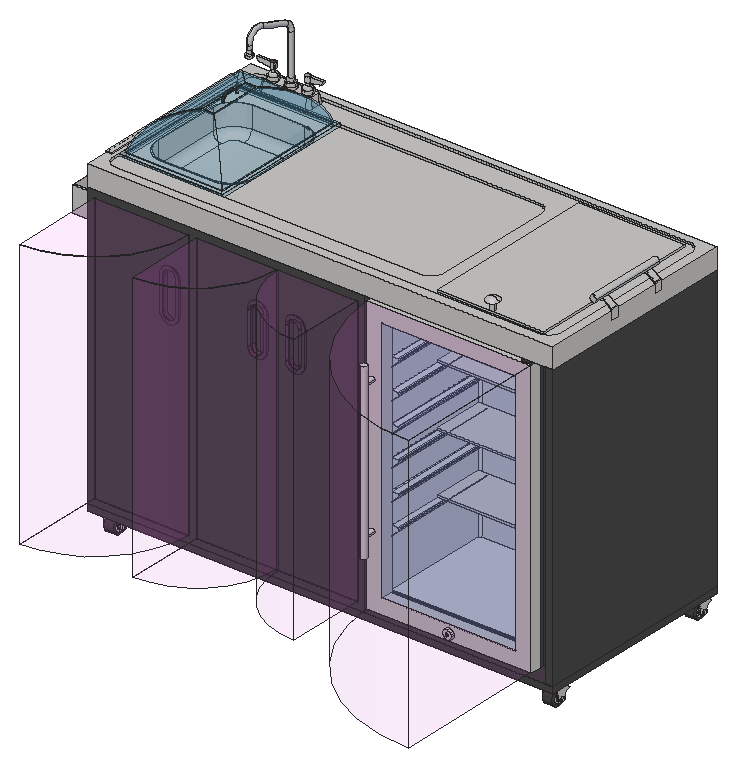
Revit family "QF_Summit_CARTOS54LG_Mobile_Outdoor_Serving_Station_with_Refrigerator", category Specialty Equipment, Revit 2020 (continued)
Definition of nested family "SPR488BOSADA_Door"
  Forms (in)
    Extrusion 1, solid
      sketch origin (23.87266, -1.59973, 24.25) x (0, 1, 0) y (-1, 0, 0)
        loop
          line (-13.16213, 4.75) -> (-14.45256, 4.53435)
          arc (-14.45256, 4.53435) -> (-14.60267, 4.44949) -> (-14.66213, 4.28764) r 0.25
          line (-14.66213, 4.28764) -> (-14.66213, 3.5)
          arc (-14.66213, 3.5) -> (-14.58891, 3.32322) -> (-14.41213, 3.25) r 0.25
          line (-14.41213, 3.25) -> (-13.16213, 3.25) -> (-13.16213, 4.75)
      from 8.125 to 8.25
    Extrusion 2, solid
      sketch origin (-73.27164, -15.04895, 32) x (1, 0, 0) y (0, 0, 1)
        loop
          line (74.8943, 0.375) -> (74.8943, -31.5) -> (93.8943, -31.5) -> (93.8943, 0.375) -> (74.8943, 0.375)
        loop
          line (76.6443, -1.25) -> (76.6443, -29.75) -> (92.1443, -29.75) -> (92.1443, -1.25) -> (76.6443, -1.25)
      from 0 to 1.33791
    Extrusion 3, solid
      sketch origin (-73.27164, -15.04895, 32) x (1, 0, 0) y (0, 0, 1)
        loop
          line (76.6425, -29.75) -> (92.14969, -29.75) -> (92.14969, -1.25) -> (76.6425, -1.25) -> (76.6425, -29.75)
      from 0 to 1.33791
    Extrusion 4, solid
      sketch origin (23.87266, -1.59973, 24.25) x (0, 1, 0) y (-1, 0, 0)
        loop
          circle (-16.03713, 21.625) r 0.375
      from -17.625 to 2.25
    Extrusion 5, solid
      sketch origin (1.68516, -19.13176, 32) x (1, 0, 0) y (0, 0, 1)
        loop
          circle (0.56167, -7.5) r 0.25
        loop
          circle (0.56167, -23.25) r 0.25
      from -1.55741 to -2.74491
    Blend 6, solid
      base sketch origin (-73.27164, -16.38686, 32) x (1, 0, 0) y (0, 0, 1)
        loop
          circle (84.3943, -30.75) r 0.5625
      top sketch origin (-73.27164, -16.38686, 32) x (1, 0, 0) y (0, 0, 1)
        loop
          circle (84.3943, -30.75) r 0.5
      from 0 to 0.25369
    Extrusion 7, void
      sketch origin (-73.27164, -16.64055, 32) x (-1, 0, 0) y (0, 0, 1)
        loop
          circle (-84.3943, -30.75) r 0.1875
        loop
          circle (-84.3943, -30.75) r 0.0625
      from 0 to 0.25369
    Extrusion 8, solid, visible <- "Show Clearance"
      sketch origin (1.62266, 1.36314, 0) x (1, 0, 0) y (0, 1, 0)
        loop
          arc (0.00402, -17.75) -> (5.99085, -30.38262) -> (19, -35.49996) r 19
          line (19, -35.49996) -> (19, -17.75) -> (0.00402, -17.75)
      from 0.5 to 32.375
  Cuts and joins
    Extrusion 7 cuts Extrusion 2
    Extrusion 7 cuts Blend 6
    Extrusion 7 cuts Extrusion 8
  Lines and regions (in)
    symbolic lines
      curve 1: line (1.62266, -16.38686, 0) -> (20.62266, -16.38686, 0)
      curve 2: circle (2.24766, -17.63686, 0) r 0.375 normal (0, 0, 1)
      curve 3: line (2.49606, -16.38686, 0) -> (2.49606, -17.35592, 0)
      curve 4: line (1.99665, -16.38686, 0) -> (1.99665, -17.35825, 0)
    symbolic lines, visible <- "Show Clearance"
      curve 5: arc (1.62266, -16.38686, 0) -> (2.55385, -21.18759, 0) -> (4.67952, -25.59163, 0) r 19
      curve 6: line (4.67952, -25.59163, 0) -> (20.62266, -16.38686, 0)
  Dimensions and locks (in)
    plane 4 to plane 3 "Center (Left/Right)" = 19"
    equal spacing: plane 3 "Center (Left/Right)", plane 7, plane 4
    "Lenght": plane 3 "Center (Left/Right)" to plane 4
    equal spacing: plane 5, plane 6, plane 1 "Center (Front/Back)"
    "Depth": plane 5 to plane 1 "Center (Front/Back)"
    "Height": plane 8 "Top" to level
    aligned and locked: level to plane 2
  Automatic sketch dimensions
    curve 1 to plane 3 "Center (Left/Right)" = 0"
    curve 4 to plane 5 = 0"
    plane 3 "Center (Left/Right)" to curve 2 = 5/8"
    plane 3 "Center (Left/Right)" to curve 6 = 3.05686"
    curve 5 to plane 4 = 0.03715"
    curve 2 to plane 5 = 1 1/4"
    curve 6 to curve 2 = 7.95478"
    curve 2 to curve 3 = 0.2484"
    curve 2 to curve 3 = 0.28093"
    Extrusion 1 sketch curve to plane 4 = 0"
    plane 1 "Center (Front/Back)" to Extrusion 1 sketch curve = 0"
    plane 5 to Extrusion 1 sketch curve = 3/8"  (x2)
    Extrusion 1 sketch curve to Extrusion 1 sketch curve = 0.04043"
    plane 5 to Extrusion 1 sketch curve = 1/8"
    Extrusion 1 sketch curve to Extrusion 1 sketch curve = 0.78764"
    Extrusion 1 sketch curve to Extrusion 1 sketch curve = 0.21565"
    Extrusion 2 sketch curve to plane 3 "Center (Left/Right)" = 0"
    Extrusion 2 sketch curve to plane 4 = 0"
    plane 3 "Center (Left/Right)" to Extrusion 2 sketch curve = 1 3/4"
    Extrusion 2 sketch curve to plane 4 = 1 3/4"
    level to Extrusion 2 sketch curve = 1/2"
    level to Extrusion 2 sketch curve = 2 1/4"
    plane 8 "Top" to Extrusion 2 sketch curve = 17.62473"
    Extrusion 2 sketch curve to Extrusion 2 sketch curve = 1 5/8"
    plane 3 "Center (Left/Right)" to Extrusion 3 sketch curve = 1.7482"
    Extrusion 3 sketch curve to plane 4 = 1.7446"
    level to Extrusion 3 sketch curve = 2 1/4"
    plane 8 "Top" to Extrusion 3 sketch curve = 17.62473"
    plane 3 "Center (Left/Right)" to Extrusion 4 sketch curve = 5/8"
    Extrusion 4 sketch curve to plane 5 = 1 1/4"
    plane 3 "Center (Left/Right)" to Extrusion 5 sketch curve = 0.62417"  (x2)
    Extrusion 5 sketch curve to plane 8 "Top" = 4.37527"
    plane 8 "Top" to Extrusion 5 sketch curve = 11.37473"
    Blend 6 sketch curve to Extrusion 2 = 3/4"  (x2)
    Extrusion 2 to Blend 6 sketch curve = 7 3/4"  (x2)
    Extrusion 8 sketch curve to plane 5 = 0"
    Extrusion 8 sketch curve to plane 4 = 0"
    Extrusion 8 sketch curve to plane 4 = 0.03715"
    plane 3 "Center (Left/Right)" to Extrusion 8 sketch curve = 0.00402"
    Extrusion 8 sketch curve to Extrusion 8 sketch curve = 17.74996"
    plane 3 "Center (Left/Right)" to curve 4 = 0.37399"
    curve 6 to plane 4 = 0"
    radius of Extrusion 4 sketch curve = 3/8"
    radius of Extrusion 5 sketch curve = 1/4"  (x2)
    radius of Blend 6 sketch curve = 9/16"
    radius of Blend 6 sketch curve = 1/2"
    radius of Extrusion 7 sketch curve to Blend 6 = 5/16"
    radius of Extrusion 7 sketch curve to Blend 6 = 7/16"
